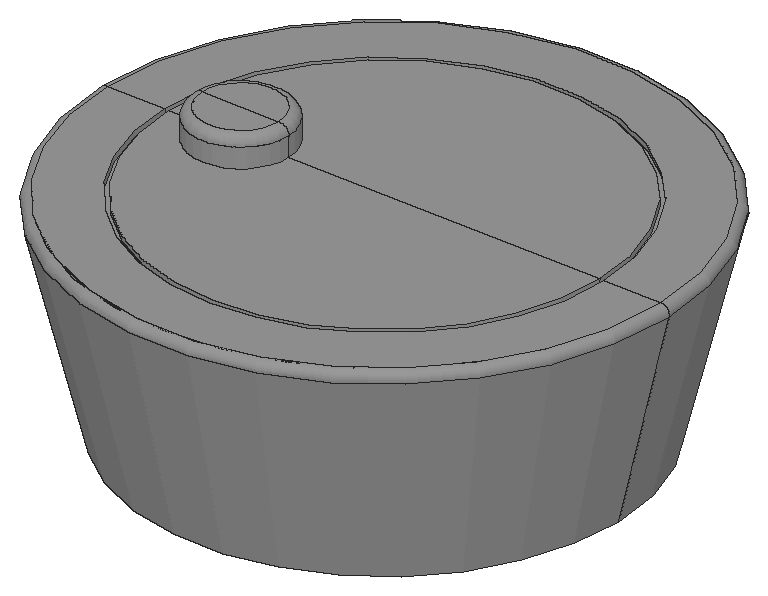
Revit family "0041730", category Lighting Fixtures, host Face, Revit 2017
Family settings
  Host = Face
  Round Connector Dimension = Use Diameter
  Part Type = Normal
  OmniClass Number = 23.80.70.00
  OmniClass Title = Lighting
  Cut with Voids When Loaded = No
  Light Source = Yes
  Shared = No
  Room Calculation Point = No
Parameters (values of type "SYLSAFE SPOT RA C EM3 NM DA - Open Area")
  Weight = "0.246 kg"
  Wattage Comments = ""
  Wattage = 3 W
  WarrantyStartDate [instance] = "n/a"
  WarrantyGuarantorParts = "n/a"
  WarrantyDurationUnit = "n/a"
  WarrantyDurationParts = "n/a"
  WarrantyDescription = "n/a"
  built-in parameter 1150110 = 1 (stored number, unit not read)
  Voltage = 230 V
  URL = "http://www.sylvania-lighting.com"
  TypeName = "SYLSAFE SPOT RA C EM3 NM DA"
  Type Image = <None>
  Type Comments = "n/a"
  built-in parameter 1114217 = 1 (stored number, unit not read)
  Tilt Angle = -90.00°
  built-in parameter 1150109 = 1 (stored number, unit not read)
  built-in parameter 1150134 = 3
  built-in parameter 1150113 = 1 (stored number, unit not read)
  SerialNumber [instance] = "n/a"
  Photometric Web File = "0041730OA.ies"
  Material_3_SYL = none
  PowerFactor = 0.44
  PowerConsumption = "1.8 W"
  NominalLength = 120 mm
  NominalHeight = 44 mm
  NominalDepth = 120 mm
  Name = "SYLSAFE SPOT RA C EM3 NM DA"
  ModelReference = Name  # "SYLSAFE SPOT RA C EM3 NM DA"
  ModelNumber = "0041730"
  Model = Name  # "SYLSAFE SPOT RA C EM3 NM DA"
  Material = ""
  ManufacturerName = "Feilo Sylvania"
  Manufacturer = "Feilo Sylvania"
  LuminousEfficacy = "81 lm/W"
  built-in parameter 1150105 = 209.32 (stored number, unit not read)
  Lumens = 243 lm
  LuminaireType = ""
  built-in parameter 1150115 = 1 (stored number, unit not read)
  LightOutputRatio = ""
  built-in parameter 1150137 = (empty or 0)
  built-in parameter 1150139 = (empty or 0)
  LampsType = Lamp  # ""
  LampNominalLuminous = "145 lm"
  LampMacAdamStep = "n/a"
  LampColourTemperature = "6300"
  LampColourRenderingIndex = "70"
  built-in parameter 1150112 = 1 (stored number, unit not read)
  built-in parameter 1150114 = 1 (stored number, unit not read)
  Lamp = ""
  Keynote = "16500"
  InstallationDate [instance] = "n/a"
  InputVoltage = "230-240V~"
  InputNominalFrequency = "50/60Hz"
  built-in parameter 1150132 = (empty or 0)
  built-in parameter 1150102 = (empty or 0)
  built-in parameter 1150107 = 3200 (stored number, unit not read)
  built-in parameter 1150138 = (empty or 0)
  IngressProtection = "IP40"
  ImpactProtectionIndex = "IK03"
  built-in parameter 1150106 = 2.0932 (stored number, unit not read)
  IfcExportType = "IfcLightFixtureType"
  IfcExportAs = "IfcLightFixtureType"
  Emit from Circle Diameter = 20 mm
  Emit Shape Visible in Rendering = no
  ElectricShockClassification = "Class II"
  built-in parameter 1150104 = 7.5251 (stored number, unit not read)
  DocumentationLiterature = "https://www.sylvania-lighting.com/product/en-int/products/0041730/"
  DimmingControlOptions = "Non dimmable"
  Material_2_SYL = PC/ABS Plastic Transparent
  Dimming Lamp Color Temperature Shift = <None>
  Description = "SylSafe Spot RA C EM3 NM DA is a miniature emergency surface mounted downlight with interchangeable optics for open area and escape route illumination. Non-maintained 3 hr emergency duration with NiMH rechargeable battery. Recharge period 24 hours. Self testing with DALI monitoring capability. 145lm, 1.8W, IK03, IP40. Power Factor 0.44. Class II electrical construction."
  Default Elevation = 1219.2 mm
  CreatedOn = ""
  CreatedBy = ""
  Cost = 0
  Color Filter = 16777215
  built-in parameter 1114216 [instance] = (empty or 0)
  ClassificationValue = "EF_70_80"
  ClassificationName = "Uniclass2015"
  Material_1_SYL = PC/ABS Plastic
  BarCode [instance] = "n/a"
  built-in parameter 1114218 = 1 (stored number, unit not read)
  built-in parameter 1150133 = 10 (stored number, unit not read)
  AssetType = ""
  AssetIdentifier [instance] = "n/a"
  Assembly Code = "D5020200"
  Apparent Load = 1.8 VA
  Material_4_SYL = none
Types (2, lengths in mm): name | Photometric Web File
  SYLSAFE SPOT RA C EM3 NM DA - Escape Route | "0041730ER.ies"
  SYLSAFE SPOT RA C EM3 NM DA - Open Area | "0041730OA.ies"
Reference planes
  plane 1 "Center (Front/Back)": y = 0
  plane 2: z = 0
  plane 3 "Center (Left/Right)": x = 0
  plane 4: x = -60
  plane 5: z = 44
  plane 6: x = -49
  plane 7: x = -46
  plane 8: x = -45
  plane 9: z = 43
  plane 10: x = -30
  plane 11: z = 50
  plane 12: x = -40
Forms (mm)
  Revolve 1, solid, material "PC/ABS Plastic" <- "Material_1_SYL"
    sketch origin (0, 0, 0) x (1, 0, 0) y (0, 0, 1)
      loop
        line (0, 0) -> (0, 44) -> (-45, 44) -> (-45, 43) -> (-46, 43) -> (-46, 44) -> (-57.83, 44)
        arc (-57.83, 44) -> (-59.166, 43.349) -> (-59.474, 41.895) r 1.694
        line (-59.474, 41.895) -> (-49, 0) -> (0, 0)
      axis (0, 44) -> (0, 0)
    angle from 360 to 0
  Revolve 2, solid, material "PC/ABS Plastic Transparent" <- "Material_2_SYL"
    sketch origin (0, 0, 0) x (1, 0, 0) y (0, 0, 1)
      loop
        line (-30, 50) -> (-38, 50)
        arc (-38, 50) -> (-39.414, 49.414) -> (-40, 48) r 2
        line (-40, 48) -> (-40, 44) -> (-30, 44) -> (-30, 50)
      axis (-30, 50) -> (-30, 44)
    angle from 360 to 0
Dimensions and locks
  locked: plane 3 "Center (Left/Right)" to plane 6 at 49
  locked: plane 5 to level at 44
  locked: plane 3 "Center (Left/Right)" to plane 4 at 60
  locked: plane 7 to plane 6 at 3
  locked: plane 8 to plane 7 at 1
  locked: plane 5 to plane 9 at 1
  plane 3 "Center (Left/Right)" to plane 10 = 30 mm
  locked: plane 11 to plane 5 at 6
  locked: plane 10 to plane 12 at 10
  aligned and locked: plane 2 to host face
  aligned and locked: level to host face
  aligned and locked: Revolve 1 sketch curve to plane 3 "Center (Left/Right)"
  aligned and locked: plane 3 "Center (Left/Right)" to Revolve 1 sketch curve  (x2)
  aligned and locked: level to Revolve 1 sketch curve
  aligned and locked: plane 5 to Revolve 1 sketch curve  (x2)
  aligned and locked: Revolve 1 sketch curve to plane 7
  aligned and locked: plane 8 to Revolve 1 sketch curve
  aligned and locked: plane 9 to Revolve 1 sketch curve
  aligned and locked: Revolve 2 sketch curve to plane 10
  aligned and locked: Revolve 2 sketch curve to plane 11
  aligned and locked: plane 10 to Revolve 2 sketch curve
  aligned and locked: plane 5 to Revolve 2 sketch curve
  aligned and locked: Revolve 2 sketch curve to plane 12
  aligned and locked: plane 10 to imposter light
  aligned and locked: imposter light to plane 11
  aligned and locked: imposter light to plane 1 "Center (Front/Back)"
Automatic sketch dimensions
  host sketch curve to host sketch curve = 2438.4 mm  (x2)
  Revolve 1 sketch curve to plane 6 = 0 mm
  plane 9 to Revolve 1 sketch curve = 0.694 mm
  plane 4 to Revolve 1 sketch curve = 2.17 mm
  Revolve 1 sketch curve to level = 609.6 mm
  Revolve 1 sketch curve to plane 5 = 2565.058 mm
  plane 11 to Revolve 2 sketch curve = 2 mm
  Revolve 2 sketch curve to level = 609.6 mm
  Revolve 2 sketch curve to Revolve 2 sketch curve = 2559.058 mm
Connectors
  electrical at (0, 0, 0), driven by "Apparent Load", driven by "PowerFactor", driven by "Voltage"
    settings: index 1, voltage 230 V, apparent load 1.8 VA, apparent load phase1 0 VA, apparent load phase2 0 VA, apparent load phase3 0 VA, power factor 0.44, load classification "Lighting", number of poles 1, system type 30, power factor state 1, is connector primary yes, connector utility no, sub classification motor no, connector description ""
